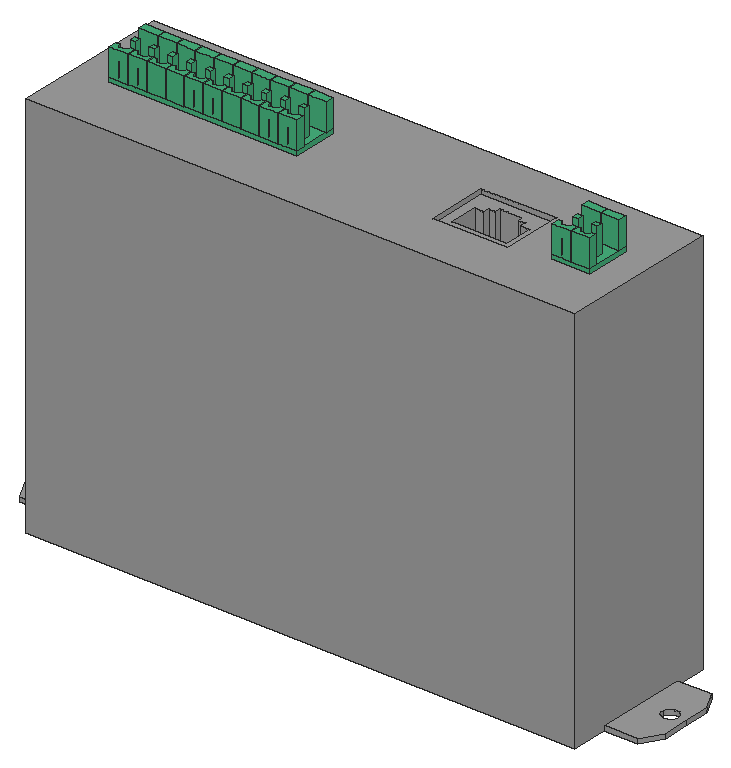
Revit family "Б406 исп.2_RV17_LOD400 (05.11.23)", category Электрооборудование, Revit 2017
Family settings
  Конфигурация панели = Два столбца, слева направо
  Размер круглого соединителя = Использовать диаметр
  Тип детали = Щит
  На основе рабочей плоскости = Да
  Всегда вертикально = Нет
  При загрузке вырезать с полостями = Нет
  Общий = Нет
  Точка расчета площади = Нет
Parameters (values of type "Б406")
  Управление устройствами с интерфейсом RS-232 или RS-485 на скорости, Бит/с = "до 115200"
  Стандарт интерфейса связи = "Ethernet"
  Смещение_УГО_Y [instance] = 0 mm
  Смещение_УГО_X [instance] = 0 mm
  Раздел проекта [instance] = ""
  Раздел Спецификации [instance] = ""
  Потребляемый ток не более, А = 0.2 A
  Default Elevation = 1219.2 mm
  Напряжение = "12"
  Максимальное количество конвертеров подключенных к одному серверу, шт. = "до 1024"
  Конфигурирование = "Веб-интерфейс"
  Количество каналов, шт = 2
  Длина линии RS-485, до, м = 1200
  Диапазон рабочих температур, °С = "от - 40 до + 50"
  В_Смещение_УГО_Y [instance] = Смещение_УГО_Y + 2000 mm  # 2000 mm
  В_Смещение_УГО_X [instance] = Смещение_УГО_X + 2000 mm  # 2000 mm
  d_короба = 20 mm
  ADSK_Размер_Длина = 140 mm
  ADSK_Размер_Глубина = 92 mm
  ADSK_Размер_Высота = 35 mm
  ADSK_Примечание = ""
  ADSK_Наименование = "Конвертер интерфейсов Б406"
  ADSK_Масса = 0.5
  ADSK_Марка = "CТАЕ.431295.108-01"
  ADSK_Количество = 1
  ADSK_Завод-изготовитель = "ООО «Основа Безопасности»"  # constant formula
  ADSK_Единица измерения = "шт."  # constant formula
  ADSK_URL страницы изделия = "https://stilsoft.ru/products/b406"
  ADSK_URL документации изделия = ""
Reference planes
  plane 1 "По центру (Вперед/Назад)": y = 0
  plane 2: z = 0
  plane 3 "По центру (Влево/Вправо)": x = 0
  plane 4: y = 2000
  plane 5: x = -2000
  plane 6: x = 0
  plane 7: y = 0
  plane 8: x = -70
  plane 9: x = 70
  plane 10: y = 17.5
  plane 11: x = 60
  plane 12: x = -60
  plane 13: z = 92
  plane 14: y = -17.5
Forms (mm)
  Extrusion 1, solid, material "Стена по умолчанию", detail levels medium+fine
    sketch origin (0, 17.5, 85) x (0, -1, 0) y (1, 0, 0)
      loop
        line (35, -60) -> (35, 60) -> (0, 60) -> (0, -60) -> (35, -60)
    from 0 to -85
  Extrusion 2, solid, material "Стена по умолчанию", detail levels medium+fine
    sketch origin (0, -17, 1) x (1, 0, 0) y (0, 1, 0)
      loop
        line (60, 17.5) -> (60, 7.5) -> (67.509, 7.5) -> (70, 11.814) -> (70, 17.5) -> (70, 23.186) -> (67.509, 27.5) -> (60, 27.5) -> (60, 17.5)
      loop
        circle (66.561, 17.5) r 1.766
    from 0 to -1
  Extrusion 3, solid, material "Стена по умолчанию", detail levels medium+fine
    sketch origin (0, 18, 1) x (0, 1, 0) y (-1, 0, 0)
      loop
        line (-17.5, 60) -> (-7.5, 60) -> (-7.5, 67.509) -> (-11.814, 70) -> (-17.5, 70) -> (-23.186, 70) -> (-27.5, 67.509) -> (-27.5, 60) -> (-17.5, 60)
      loop
        circle (-17.5, 66.561) r 1.766
    from 0 to -1
  Extrusion 4, solid, material "подключение", detail levels medium+fine
    sketch origin (0, 91.906, 85) x (-1, 0, 0) y (0, -1, 0)
      loop
        line (-53.249, 86.906) -> (-49.149, 86.906) -> (-49.149, 88.772) -> (-53.249, 88.772) -> (-53.249, 86.906)
      loop
        line (-51.683, 92.828) -> (-51.683, 91.635) -> (-50.552, 91.635) -> (-50.552, 92.828) -> (-51.683, 92.828)
      loop
        line (-53.249, 95.089) -> (-52.38, 95.089) -> (-51.788, 95.934) -> (-50.552, 95.934) -> (-49.961, 95.089) -> (-49.149, 95.089) -> (-49.149, 96.906) -> (-53.249, 96.906) -> (-53.249, 95.089)
    from 1 to 7
  Extrusion 5, solid, material "подключение", detail levels medium+fine
    sketch origin (0, 91.906, 85) x (-1, 0, 0) y (0, -1, 0)
      loop
        line (-53.249, 96.906) -> (-53.249, 86.906) -> (-45.049, 86.906) -> (-45.049, 96.906) -> (-53.249, 96.906)
    from 0 to 1
  Extrusion 6, solid, material "подключение", detail levels medium+fine
    sketch origin (0, 91.906, 85) x (-1, 0, 0) y (0, -1, 0)
      loop
        line (-49.149, 86.906) -> (-45.049, 86.906) -> (-45.049, 88.772) -> (-49.149, 88.772) -> (-49.149, 86.906)
      loop
        line (-47.583, 92.828) -> (-47.583, 91.635) -> (-46.452, 91.635) -> (-46.452, 92.828) -> (-47.583, 92.828)
      loop
        line (-49.149, 95.089) -> (-48.28, 95.089) -> (-47.688, 95.934) -> (-46.452, 95.934) -> (-45.861, 95.089) -> (-45.049, 95.089) -> (-45.049, 96.906) -> (-49.149, 96.906) -> (-49.149, 95.089)
    from 1 to 7
  Extrusion 7, solid, material "подключение", detail levels medium+fine
    sketch origin (0, 92.828, 85) x (-1, 0, 0) y (0, -1, 0)
      loop
        line (11.442, 96.906) -> (11.442, 86.906) -> (52.442, 86.906) -> (52.442, 96.906) -> (11.442, 96.906)
    from 0 to 1
  Extrusion 8, solid, material "подключение", detail levels medium+fine
    sketch origin (0, 92.828, 85) x (-1, 0, 0) y (0, -1, 0)
      loop
        line (48.342, 86.906) -> (52.442, 86.906) -> (52.442, 88.772) -> (48.342, 88.772) -> (48.342, 86.906)
      loop
        line (49.908, 92.828) -> (49.908, 91.635) -> (51.039, 91.635) -> (51.039, 92.828) -> (49.908, 92.828)
      loop
        line (48.342, 95.089) -> (49.211, 95.089) -> (49.803, 95.934) -> (51.039, 95.934) -> (51.63, 95.089) -> (52.442, 95.089) -> (52.442, 96.906) -> (48.342, 96.906) -> (48.342, 95.089)
    from 1 to 7
  Extrusion 9, solid, material "подключение", detail levels medium+fine
    sketch origin (0, 92.828, 85) x (-1, 0, 0) y (0, -1, 0)
      loop
        line (44.242, 86.906) -> (48.342, 86.906) -> (48.342, 88.772) -> (44.242, 88.772) -> (44.242, 86.906)
      loop
        line (45.808, 92.828) -> (45.808, 91.635) -> (46.939, 91.635) -> (46.939, 92.828) -> (45.808, 92.828)
      loop
        line (44.242, 95.089) -> (45.111, 95.089) -> (45.703, 95.934) -> (46.939, 95.934) -> (47.53, 95.089) -> (48.342, 95.089) -> (48.342, 96.906) -> (44.242, 96.906) -> (44.242, 95.089)
    from 1 to 7
  Extrusion 10, solid, material "подключение", detail levels medium+fine
    sketch origin (0, 92.828, 85) x (-1, 0, 0) y (0, -1, 0)
      loop
        line (40.142, 86.906) -> (44.242, 86.906) -> (44.242, 88.772) -> (40.142, 88.772) -> (40.142, 86.906)
      loop
        line (41.708, 92.828) -> (41.708, 91.635) -> (42.839, 91.635) -> (42.839, 92.828) -> (41.708, 92.828)
      loop
        line (40.142, 95.089) -> (41.011, 95.089) -> (41.603, 95.934) -> (42.839, 95.934) -> (43.43, 95.089) -> (44.242, 95.089) -> (44.242, 96.906) -> (40.142, 96.906) -> (40.142, 95.089)
    from 1 to 7
  Extrusion 11, solid, material "подключение", detail levels medium+fine
    sketch origin (0, 92.828, 85) x (-1, 0, 0) y (0, -1, 0)
      loop
        line (36.042, 86.906) -> (40.142, 86.906) -> (40.142, 88.772) -> (36.042, 88.772) -> (36.042, 86.906)
      loop
        line (37.608, 92.828) -> (37.608, 91.635) -> (38.739, 91.635) -> (38.739, 92.828) -> (37.608, 92.828)
      loop
        line (36.042, 95.089) -> (36.911, 95.089) -> (37.503, 95.934) -> (38.739, 95.934) -> (39.33, 95.089) -> (40.142, 95.089) -> (40.142, 96.906) -> (36.042, 96.906) -> (36.042, 95.089)
    from 1 to 7
  Extrusion 12, solid, material "подключение", detail levels medium+fine
    sketch origin (0, 92.828, 85) x (-1, 0, 0) y (0, -1, 0)
      loop
        line (31.942, 86.906) -> (36.042, 86.906) -> (36.042, 88.772) -> (31.942, 88.772) -> (31.942, 86.906)
      loop
        line (33.508, 92.828) -> (33.508, 91.635) -> (34.639, 91.635) -> (34.639, 92.828) -> (33.508, 92.828)
      loop
        line (31.942, 95.089) -> (32.811, 95.089) -> (33.403, 95.934) -> (34.639, 95.934) -> (35.23, 95.089) -> (36.042, 95.089) -> (36.042, 96.906) -> (31.942, 96.906) -> (31.942, 95.089)
    from 1 to 7
  Extrusion 13, solid, material "подключение", detail levels medium+fine
    sketch origin (0, 92.828, 85) x (-1, 0, 0) y (0, -1, 0)
      loop
        line (27.842, 86.906) -> (31.942, 86.906) -> (31.942, 88.772) -> (27.842, 88.772) -> (27.842, 86.906)
      loop
        line (29.408, 92.828) -> (29.408, 91.635) -> (30.539, 91.635) -> (30.539, 92.828) -> (29.408, 92.828)
      loop
        line (27.842, 95.089) -> (28.711, 95.089) -> (29.303, 95.934) -> (30.539, 95.934) -> (31.13, 95.089) -> (31.942, 95.089) -> (31.942, 96.906) -> (27.842, 96.906) -> (27.842, 95.089)
    from 1 to 7
  Extrusion 14, solid, material "подключение", detail levels medium+fine
    sketch origin (0, 92.828, 85) x (-1, 0, 0) y (0, -1, 0)
      loop
        line (23.742, 86.906) -> (27.842, 86.906) -> (27.842, 88.772) -> (23.742, 88.772) -> (23.742, 86.906)
      loop
        line (25.308, 92.828) -> (25.308, 91.635) -> (26.439, 91.635) -> (26.439, 92.828) -> (25.308, 92.828)
      loop
        line (23.742, 95.089) -> (24.611, 95.089) -> (25.203, 95.934) -> (26.439, 95.934) -> (27.03, 95.089) -> (27.842, 95.089) -> (27.842, 96.906) -> (23.742, 96.906) -> (23.742, 95.089)
    from 1 to 7
  Extrusion 15, solid, material "подключение", detail levels medium+fine
    sketch origin (0, 92.828, 85) x (-1, 0, 0) y (0, -1, 0)
      loop
        line (19.642, 86.906) -> (23.742, 86.906) -> (23.742, 88.772) -> (19.642, 88.772) -> (19.642, 86.906)
      loop
        line (21.208, 92.828) -> (21.208, 91.635) -> (22.339, 91.635) -> (22.339, 92.828) -> (21.208, 92.828)
      loop
        line (19.642, 95.089) -> (20.511, 95.089) -> (21.103, 95.934) -> (22.339, 95.934) -> (22.93, 95.089) -> (23.742, 95.089) -> (23.742, 96.906) -> (19.642, 96.906) -> (19.642, 95.089)
    from 1 to 7
  Extrusion 16, solid, material "подключение", detail levels medium+fine
    sketch origin (0, 92.828, 85) x (-1, 0, 0) y (0, -1, 0)
      loop
        line (15.542, 86.906) -> (19.642, 86.906) -> (19.642, 88.772) -> (15.542, 88.772) -> (15.542, 86.906)
      loop
        line (17.108, 92.828) -> (17.108, 91.635) -> (18.239, 91.635) -> (18.239, 92.828) -> (17.108, 92.828)
      loop
        line (15.542, 95.089) -> (16.411, 95.089) -> (17.003, 95.934) -> (18.239, 95.934) -> (18.83, 95.089) -> (19.642, 95.089) -> (19.642, 96.906) -> (15.542, 96.906) -> (15.542, 95.089)
    from 1 to 7
  Extrusion 17, solid, material "подключение", detail levels medium+fine
    sketch origin (0, 92.828, 85) x (-1, 0, 0) y (0, -1, 0)
      loop
        line (11.442, 86.906) -> (15.542, 86.906) -> (15.542, 88.772) -> (11.442, 88.772) -> (11.442, 86.906)
      loop
        line (13.008, 92.828) -> (13.008, 91.635) -> (14.139, 91.635) -> (14.139, 92.828) -> (13.008, 92.828)
      loop
        line (11.442, 95.089) -> (12.311, 95.089) -> (12.903, 95.934) -> (14.139, 95.934) -> (14.73, 95.089) -> (15.542, 95.089) -> (15.542, 96.906) -> (11.442, 96.906) -> (11.442, 95.089)
    from 1 to 7
  Extrusion 18, void, detail levels medium+fine
    sketch origin (0, 90.244, 85) x (-1, 0, 0) y (0, -1, 0)
      loop
        line (-36.805, 96.906) -> (-36.805, 83.581) -> (-20.305, 83.581) -> (-20.305, 96.906) -> (-36.805, 96.906)
    from 0 to -1
  Extrusion 19, void, detail levels medium+fine
    sketch origin (0, 90.244, 85) x (-1, 0, 0) y (0, -1, 0)
      loop
        line (-34.601, 94.419) -> (-34.601, 88.164) -> (-32.557, 88.164) -> (-32.557, 86.829) -> (-31.026, 86.829) -> (-31.026, 85.576) -> (-26.026, 85.576) -> (-26.026, 86.829) -> (-24.495, 86.829) -> (-24.495, 88.164) -> (-22.509, 88.164) -> (-22.509, 94.419) -> (-34.601, 94.419)
    from -1 to -12
Cuts and joins
  Extrusion 18, Extrusion 19 cuts Extrusion 1
Dimensions and locks
  locked: plane 4 to plane 1 "По центру (Вперед/Назад)" at 2000
  locked: plane 5 to plane 3 "По центру (Влево/Вправо)" at 2000
  "В_Смещение_УГО_X": plane 5 to plane 6
  "В_Смещение_УГО_Y": plane 4 to plane 7
  "ADSK_Размер_Длина": plane 8 to plane 9
  "ADSK_Размер_Глубина": plane 13 to level
  "ADSK_Размер_Высота": plane 10 to plane 14
  aligned and locked: level to plane 2
  aligned and locked: cut or joined group of Extrusion 1, Extrusion 18, Extrusion 19 to cut or joined group of Extrusion 1, Extrusion 18, Extrusion 19  (x2)
  aligned and locked: Extrusion 8 to Extrusion 7
Automatic sketch dimensions
  Extrusion 1 sketch curve to plane 12 = 0 mm
  Extrusion 1 sketch curve to plane 11 = 0 mm
  plane 1 "По центру (Вперед/Назад)" to Extrusion 1 sketch curve = 17.5 mm
  Extrusion 3 sketch curve to plane 12 = 0 mm
  Extrusion 3 sketch curve to plane 8 = 0 mm
  Extrusion 3 sketch curve to plane 8 = 2.491 mm  (x2)
  plane 1 "По центру (Вперед/Назад)" to Extrusion 3 sketch curve = 9.5 mm
  Extrusion 3 sketch curve to Extrusion 3 sketch curve = 4.314 mm
  Extrusion 3 sketch curve to plane 1 "По центру (Вперед/Назад)" = 0.5 mm  (x3)
  Extrusion 3 sketch curve to Extrusion 3 sketch curve = 5.686 mm
  Extrusion 3 sketch curve to Extrusion 3 sketch curve = 10 mm
  Extrusion 3 sketch curve to plane 8 = 3.439 mm
  Extrusion 2 sketch curve to plane 11 = 0 mm
  Extrusion 2 sketch curve to plane 9 = 0 mm
  Extrusion 2 sketch curve to plane 1 "По центру (Вперед/Назад)" = 0.5 mm  (x3)
  Extrusion 2 sketch curve to plane 9 = 3.439 mm
  Extrusion 2 sketch curve to plane 9 = 2.491 mm  (x2)
  plane 1 "По центру (Вперед/Назад)" to Extrusion 2 sketch curve = 5.186 mm
  Extrusion 2 sketch curve to Extrusion 2 sketch curve = 4.314 mm  (x2)
  Extrusion 2 sketch curve to Extrusion 2 sketch curve = 5.686 mm
  Extrusion 1 sketch curve to plane 1 "По центру (Вперед/Назад)" = 17.5 mm
  Extrusion 4 sketch curve to plane 11 = 6.751 mm
  Extrusion 4 sketch curve to Extrusion 4 sketch curve = 0 mm
  Extrusion 4 sketch curve to Extrusion 4 sketch curve = 0.869 mm
  Extrusion 4 sketch curve to Extrusion 4 sketch curve = 0.592 mm  (x2)
  Extrusion 4 sketch curve to Extrusion 4 sketch curve = 1.566 mm
  Extrusion 4 sketch curve to Extrusion 4 sketch curve = 1.131 mm
  Extrusion 4 sketch curve to Extrusion 4 sketch curve = 1.236 mm
  Extrusion 4 sketch curve to Extrusion 4 sketch curve = 0.811 mm
  Extrusion 4 sketch curve to Extrusion 4 sketch curve = 1.403 mm
  Extrusion 4 sketch curve to plane 10 = 12.5 mm
  Extrusion 4 sketch curve to Extrusion 4 sketch curve = 1.866 mm
  Extrusion 4 sketch curve to Extrusion 4 sketch curve = 2.862 mm
  Extrusion 4 sketch curve to Extrusion 4 sketch curve = 1.194 mm
  Extrusion 4 sketch curve to Extrusion 4 sketch curve = 2.261 mm  (x2)
  Extrusion 4 sketch curve to Extrusion 4 sketch curve = 0.845 mm
  Extrusion 4 sketch curve to Extrusion 4 sketch curve = 0.972 mm
  Extrusion 5 sketch curve to plane 11 = 6.751 mm
  Extrusion 5 sketch curve to Extrusion 5 sketch curve = 8.2 mm
  Extrusion 5 sketch curve to plane 10 = 12.5 mm
  Extrusion 5 sketch curve to Extrusion 5 sketch curve = 10 mm
  Extrusion 6 sketch curve to plane 11 = 10.851 mm
  Extrusion 6 sketch curve to Extrusion 6 sketch curve = 0 mm
  Extrusion 6 sketch curve to Extrusion 6 sketch curve = 0.869 mm
  Extrusion 6 sketch curve to Extrusion 6 sketch curve = 0.592 mm  (x2)
  Extrusion 6 sketch curve to Extrusion 6 sketch curve = 1.566 mm
  Extrusion 6 sketch curve to Extrusion 6 sketch curve = 1.131 mm
  Extrusion 6 sketch curve to Extrusion 6 sketch curve = 1.236 mm
  Extrusion 6 sketch curve to Extrusion 6 sketch curve = 0.811 mm
  Extrusion 6 sketch curve to Extrusion 6 sketch curve = 1.403 mm
  Extrusion 6 sketch curve to plane 10 = 12.5 mm
  Extrusion 6 sketch curve to Extrusion 6 sketch curve = 1.866 mm
  Extrusion 6 sketch curve to Extrusion 6 sketch curve = 2.862 mm
  Extrusion 6 sketch curve to Extrusion 6 sketch curve = 1.194 mm
  Extrusion 6 sketch curve to Extrusion 6 sketch curve = 2.261 mm  (x2)
  Extrusion 6 sketch curve to Extrusion 6 sketch curve = 0.845 mm
  Extrusion 6 sketch curve to Extrusion 6 sketch curve = 0.972 mm
  Extrusion 7 sketch curve to plane 3 "По центру (Влево/Вправо)" = 11.442 mm
  Extrusion 7 sketch curve to plane 12 = 7.558 mm
  Extrusion 7 sketch curve to plane 10 = 11.578 mm
  Extrusion 7 sketch curve to Extrusion 7 sketch curve = 10 mm
  Extrusion 8 sketch curve to plane 12 = 11.658 mm
  Extrusion 8 sketch curve to Extrusion 8 sketch curve = 0 mm
  Extrusion 8 sketch curve to Extrusion 8 sketch curve = 0.869 mm
  Extrusion 8 sketch curve to Extrusion 8 sketch curve = 0.592 mm  (x2)
  Extrusion 8 sketch curve to Extrusion 8 sketch curve = 1.566 mm
  Extrusion 8 sketch curve to Extrusion 8 sketch curve = 1.131 mm
  Extrusion 8 sketch curve to Extrusion 8 sketch curve = 1.236 mm
  Extrusion 8 sketch curve to Extrusion 8 sketch curve = 0.811 mm
  Extrusion 8 sketch curve to Extrusion 8 sketch curve = 1.403 mm
  Extrusion 8 sketch curve to plane 10 = 11.578 mm
  Extrusion 8 sketch curve to Extrusion 8 sketch curve = 1.866 mm
  Extrusion 8 sketch curve to Extrusion 8 sketch curve = 2.862 mm
  Extrusion 8 sketch curve to Extrusion 8 sketch curve = 1.194 mm
  Extrusion 8 sketch curve to Extrusion 8 sketch curve = 2.261 mm  (x2)
  Extrusion 8 sketch curve to Extrusion 8 sketch curve = 0.845 mm
  Extrusion 8 sketch curve to Extrusion 8 sketch curve = 0.972 mm
  Extrusion 9 sketch curve to plane 10 = 11.578 mm
  Extrusion 9 sketch curve to plane 12 = 15.758 mm
  Extrusion 9 sketch curve to Extrusion 9 sketch curve = 0 mm
  Extrusion 9 sketch curve to Extrusion 9 sketch curve = 0.869 mm
  Extrusion 9 sketch curve to Extrusion 9 sketch curve = 0.592 mm  (x2)
  Extrusion 9 sketch curve to Extrusion 9 sketch curve = 1.566 mm
  Extrusion 9 sketch curve to Extrusion 9 sketch curve = 1.131 mm
  Extrusion 9 sketch curve to Extrusion 9 sketch curve = 1.236 mm
  Extrusion 9 sketch curve to Extrusion 9 sketch curve = 0.811 mm
  Extrusion 9 sketch curve to Extrusion 9 sketch curve = 1.403 mm
  Extrusion 9 sketch curve to Extrusion 9 sketch curve = 1.866 mm
  Extrusion 9 sketch curve to Extrusion 9 sketch curve = 2.862 mm
  Extrusion 9 sketch curve to Extrusion 9 sketch curve = 1.194 mm
  Extrusion 9 sketch curve to Extrusion 9 sketch curve = 2.261 mm  (x2)
  Extrusion 9 sketch curve to Extrusion 9 sketch curve = 0.845 mm
  Extrusion 9 sketch curve to Extrusion 9 sketch curve = 0.972 mm
  Extrusion 10 sketch curve to plane 10 = 11.578 mm
  Extrusion 10 sketch curve to plane 12 = 19.858 mm
  Extrusion 10 sketch curve to Extrusion 10 sketch curve = 0 mm
  Extrusion 10 sketch curve to Extrusion 10 sketch curve = 0.869 mm
  Extrusion 10 sketch curve to Extrusion 10 sketch curve = 0.592 mm  (x2)
  Extrusion 10 sketch curve to Extrusion 10 sketch curve = 1.566 mm
  Extrusion 10 sketch curve to Extrusion 10 sketch curve = 1.131 mm
  Extrusion 10 sketch curve to Extrusion 10 sketch curve = 1.236 mm
  Extrusion 10 sketch curve to Extrusion 10 sketch curve = 0.811 mm
  Extrusion 10 sketch curve to Extrusion 10 sketch curve = 1.403 mm
  Extrusion 10 sketch curve to Extrusion 10 sketch curve = 1.866 mm
  Extrusion 10 sketch curve to Extrusion 10 sketch curve = 2.862 mm
  Extrusion 10 sketch curve to Extrusion 10 sketch curve = 1.194 mm
  Extrusion 10 sketch curve to Extrusion 10 sketch curve = 2.261 mm  (x2)
  Extrusion 10 sketch curve to Extrusion 10 sketch curve = 0.845 mm
  Extrusion 10 sketch curve to Extrusion 10 sketch curve = 0.972 mm
  Extrusion 11 sketch curve to plane 10 = 11.578 mm
  Extrusion 11 sketch curve to plane 12 = 23.958 mm
  Extrusion 11 sketch curve to Extrusion 11 sketch curve = 0 mm
  Extrusion 11 sketch curve to Extrusion 11 sketch curve = 0.869 mm
  Extrusion 11 sketch curve to Extrusion 11 sketch curve = 0.592 mm  (x2)
  Extrusion 11 sketch curve to Extrusion 11 sketch curve = 1.566 mm
  Extrusion 11 sketch curve to Extrusion 11 sketch curve = 1.131 mm
  Extrusion 11 sketch curve to Extrusion 11 sketch curve = 1.236 mm
  Extrusion 11 sketch curve to Extrusion 11 sketch curve = 0.811 mm
  Extrusion 11 sketch curve to Extrusion 11 sketch curve = 1.403 mm
  Extrusion 11 sketch curve to Extrusion 11 sketch curve = 1.866 mm
  Extrusion 11 sketch curve to Extrusion 11 sketch curve = 2.862 mm
  Extrusion 11 sketch curve to Extrusion 11 sketch curve = 1.194 mm
  Extrusion 11 sketch curve to Extrusion 11 sketch curve = 2.261 mm  (x2)
  Extrusion 11 sketch curve to Extrusion 11 sketch curve = 0.845 mm
  Extrusion 11 sketch curve to Extrusion 11 sketch curve = 0.972 mm
  Extrusion 12 sketch curve to plane 10 = 11.578 mm
  Extrusion 12 sketch curve to plane 12 = 28.058 mm
  Extrusion 12 sketch curve to Extrusion 12 sketch curve = 0 mm
  Extrusion 12 sketch curve to Extrusion 12 sketch curve = 0.869 mm
  Extrusion 12 sketch curve to Extrusion 12 sketch curve = 0.592 mm  (x2)
  Extrusion 12 sketch curve to Extrusion 12 sketch curve = 1.566 mm
  Extrusion 12 sketch curve to Extrusion 12 sketch curve = 1.131 mm
  Extrusion 12 sketch curve to Extrusion 12 sketch curve = 1.236 mm
  Extrusion 12 sketch curve to Extrusion 12 sketch curve = 0.811 mm
  Extrusion 12 sketch curve to Extrusion 12 sketch curve = 1.403 mm
  Extrusion 12 sketch curve to Extrusion 12 sketch curve = 1.866 mm
  Extrusion 12 sketch curve to Extrusion 12 sketch curve = 2.862 mm
  Extrusion 12 sketch curve to Extrusion 12 sketch curve = 1.194 mm
  Extrusion 12 sketch curve to Extrusion 12 sketch curve = 2.261 mm  (x2)
  Extrusion 12 sketch curve to Extrusion 12 sketch curve = 0.845 mm
  Extrusion 12 sketch curve to Extrusion 12 sketch curve = 0.972 mm
  Extrusion 13 sketch curve to plane 10 = 11.578 mm
  Extrusion 13 sketch curve to plane 3 "По центру (Влево/Вправо)" = 27.842 mm
  Extrusion 13 sketch curve to Extrusion 13 sketch curve = 0 mm
  Extrusion 13 sketch curve to plane 10 = 19.761 mm
  Extrusion 13 sketch curve to Extrusion 13 sketch curve = 0.869 mm
  Extrusion 13 sketch curve to Extrusion 13 sketch curve = 0.592 mm  (x2)
  Extrusion 13 sketch curve to Extrusion 13 sketch curve = 1.566 mm
  Extrusion 13 sketch curve to Extrusion 13 sketch curve = 1.131 mm
  Extrusion 13 sketch curve to Extrusion 13 sketch curve = 1.236 mm
  Extrusion 13 sketch curve to Extrusion 13 sketch curve = 0.811 mm
  Extrusion 13 sketch curve to Extrusion 13 sketch curve = 1.403 mm
  Extrusion 13 sketch curve to Extrusion 13 sketch curve = 1.866 mm
  Extrusion 13 sketch curve to Extrusion 13 sketch curve = 2.862 mm
  Extrusion 13 sketch curve to Extrusion 13 sketch curve = 1.194 mm
  Extrusion 13 sketch curve to Extrusion 13 sketch curve = 2.261 mm
  Extrusion 13 sketch curve to Extrusion 13 sketch curve = 0.845 mm
  Extrusion 13 sketch curve to Extrusion 13 sketch curve = 0.972 mm
  Extrusion 14 sketch curve to plane 10 = 11.578 mm
  Extrusion 14 sketch curve to plane 3 "По центру (Влево/Вправо)" = 23.742 mm
  Extrusion 14 sketch curve to Extrusion 14 sketch curve = 0 mm
  Extrusion 14 sketch curve to Extrusion 14 sketch curve = 0.869 mm
  Extrusion 14 sketch curve to Extrusion 14 sketch curve = 0.592 mm  (x2)
  Extrusion 14 sketch curve to Extrusion 14 sketch curve = 1.566 mm
  Extrusion 14 sketch curve to Extrusion 14 sketch curve = 1.131 mm
  Extrusion 14 sketch curve to Extrusion 14 sketch curve = 1.236 mm
  Extrusion 14 sketch curve to Extrusion 14 sketch curve = 0.811 mm
  Extrusion 14 sketch curve to Extrusion 14 sketch curve = 1.403 mm
  Extrusion 14 sketch curve to Extrusion 14 sketch curve = 1.866 mm
  Extrusion 14 sketch curve to Extrusion 14 sketch curve = 2.862 mm
  Extrusion 14 sketch curve to Extrusion 14 sketch curve = 1.194 mm
  Extrusion 14 sketch curve to Extrusion 14 sketch curve = 2.261 mm  (x2)
  Extrusion 14 sketch curve to Extrusion 14 sketch curve = 0.845 mm
  Extrusion 14 sketch curve to Extrusion 14 sketch curve = 0.972 mm
  Extrusion 15 sketch curve to plane 10 = 11.578 mm
  Extrusion 15 sketch curve to plane 3 "По центру (Влево/Вправо)" = 19.642 mm
  Extrusion 15 sketch curve to Extrusion 15 sketch curve = 0 mm
  Extrusion 15 sketch curve to Extrusion 15 sketch curve = 0.869 mm
  Extrusion 15 sketch curve to Extrusion 15 sketch curve = 0.592 mm  (x2)
  Extrusion 15 sketch curve to Extrusion 15 sketch curve = 1.566 mm
  Extrusion 15 sketch curve to Extrusion 15 sketch curve = 1.131 mm
  Extrusion 15 sketch curve to Extrusion 15 sketch curve = 1.236 mm
  Extrusion 15 sketch curve to Extrusion 15 sketch curve = 0.811 mm
  Extrusion 15 sketch curve to Extrusion 15 sketch curve = 1.403 mm
  Extrusion 15 sketch curve to Extrusion 15 sketch curve = 1.866 mm
  Extrusion 15 sketch curve to Extrusion 15 sketch curve = 2.862 mm
  Extrusion 15 sketch curve to Extrusion 15 sketch curve = 1.194 mm
  Extrusion 15 sketch curve to Extrusion 15 sketch curve = 2.261 mm  (x2)
  Extrusion 15 sketch curve to Extrusion 15 sketch curve = 0.845 mm
  Extrusion 15 sketch curve to Extrusion 15 sketch curve = 0.972 mm
  Extrusion 16 sketch curve to plane 10 = 11.578 mm
  Extrusion 16 sketch curve to plane 3 "По центру (Влево/Вправо)" = 15.542 mm
  Extrusion 16 sketch curve to Extrusion 16 sketch curve = 0 mm
  Extrusion 16 sketch curve to Extrusion 16 sketch curve = 0.869 mm
  Extrusion 16 sketch curve to Extrusion 16 sketch curve = 0.592 mm  (x2)
  Extrusion 16 sketch curve to Extrusion 16 sketch curve = 1.566 mm
  Extrusion 16 sketch curve to Extrusion 16 sketch curve = 1.131 mm
  Extrusion 16 sketch curve to Extrusion 16 sketch curve = 1.236 mm
  Extrusion 16 sketch curve to Extrusion 16 sketch curve = 0.811 mm
  Extrusion 16 sketch curve to Extrusion 16 sketch curve = 1.403 mm
  Extrusion 16 sketch curve to Extrusion 16 sketch curve = 1.866 mm
  Extrusion 16 sketch curve to Extrusion 16 sketch curve = 2.862 mm
  Extrusion 16 sketch curve to Extrusion 16 sketch curve = 1.194 mm
  Extrusion 16 sketch curve to Extrusion 16 sketch curve = 2.261 mm  (x2)
  Extrusion 16 sketch curve to Extrusion 16 sketch curve = 0.845 mm
  Extrusion 16 sketch curve to Extrusion 16 sketch curve = 0.972 mm
  Extrusion 17 sketch curve to plane 3 "По центру (Влево/Вправо)" = 11.442 mm
  Extrusion 17 sketch curve to Extrusion 17 sketch curve = 0 mm
  Extrusion 17 sketch curve to Extrusion 17 sketch curve = 0.869 mm
  Extrusion 17 sketch curve to Extrusion 17 sketch curve = 0.592 mm  (x2)
  Extrusion 17 sketch curve to Extrusion 17 sketch curve = 1.566 mm
  Extrusion 17 sketch curve to Extrusion 17 sketch curve = 1.131 mm
  Extrusion 17 sketch curve to Extrusion 17 sketch curve = 1.236 mm
  Extrusion 17 sketch curve to Extrusion 17 sketch curve = 0.811 mm
  Extrusion 17 sketch curve to Extrusion 17 sketch curve = 1.403 mm
  Extrusion 17 sketch curve to plane 10 = 11.578 mm
  Extrusion 17 sketch curve to Extrusion 17 sketch curve = 1.866 mm
  Extrusion 17 sketch curve to Extrusion 17 sketch curve = 2.862 mm
  Extrusion 17 sketch curve to Extrusion 17 sketch curve = 1.194 mm
  Extrusion 17 sketch curve to Extrusion 17 sketch curve = 2.261 mm  (x2)
  Extrusion 17 sketch curve to Extrusion 17 sketch curve = 0.845 mm
  Extrusion 17 sketch curve to Extrusion 17 sketch curve = 0.972 mm
  Extrusion 18 sketch curve to plane 10 = 10.838 mm
  Extrusion 18 sketch curve to plane 11 = 23.195 mm
  Extrusion 18 sketch curve to Extrusion 18 sketch curve = 16.5 mm
  Extrusion 18 sketch curve to Extrusion 18 sketch curve = 13.325 mm
  Extrusion 19 sketch curve to plane 10 = 15.42 mm
  Extrusion 19 sketch curve to plane 11 = 25.399 mm
  Extrusion 19 sketch curve to Extrusion 19 sketch curve = 2.044 mm
  Extrusion 19 sketch curve to Extrusion 19 sketch curve = 1.531 mm  (x2)
  Extrusion 19 sketch curve to Extrusion 19 sketch curve = 5 mm
  Extrusion 19 sketch curve to Extrusion 19 sketch curve = 1.986 mm
  Extrusion 19 sketch curve to Extrusion 19 sketch curve = 1.334 mm  (x2)
  Extrusion 19 sketch curve to Extrusion 19 sketch curve = 0 mm
  Extrusion 19 sketch curve to Extrusion 19 sketch curve = 1.253 mm
  Extrusion 19 sketch curve to Extrusion 19 sketch curve = 6.256 mm
  radius of Extrusion 3 sketch curve = 1.766 mm
  radius of Extrusion 2 sketch curve = 1.766 mm
Connectors
  electrical at (28.555, 0, 84)
    settings: on cut or joined group of Extrusion 1, Extrusion 18, Extrusion 19, index 1, voltage 0 V, apparent load 0 VA, apparent load phase1 0 VA, apparent load phase2 0 VA, apparent load phase3 0 VA, power factor 1, load classification "Прочее", number of poles 1, system type 31, power factor state 1, is connector primary yes, connector utility no, sub classification motor no, connector description ""
  cabletrayconduit at (28.555, 0, 84), diameter 20, driven by "d_короба"
    settings: on cut or joined group of Extrusion 1, Extrusion 18, Extrusion 19, index 2, connector width 300 mm, connector height 300 mm, connector angle 0.00°, system type 32, placement type 0, profile type 0, connector reference index -1, is primary connector yes, connector utility param no, connector description ""
